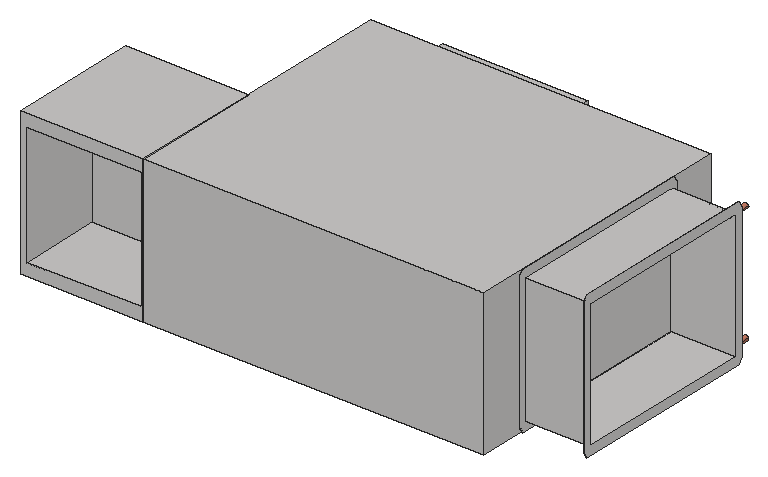
Revit family
Parameters
  Width = 3' - 3"
  Voltage = 277 V
  Unit Weight = if(Number of Rows = 1, "272.0 lbs", if(Number of Rows = 2, "277.0 lbs", "0"))  # "272.0 lbs"
  UltraLoc Liner = Choose Liner Option = 3  # no
  URL = "http://www.titus-hvac.com/"
  UL = "181"
  Supply Air Flow [instance] = 0 CFM
  SteriLoc Liner = Choose Liner Option = 2  # no
  Secondary Material = Copper Connectors
  Primary Air Pressure Drop [instance] = 0.00 in-wg
  Primary Air Flow [instance] = 0 CFM
  Pressure [instance] = 0.00 psi
  Plenum Air Pressure Drop [instance] = 0.00 in-wg
  Plenum Air Flow [instance] = 0 CFM
  Outlet Width = 2' - 1"
  Outlet Height = 1' - 5 1/2"
  Number of Rows = 1
  Number of Poles = 1
  Nominal Width = Width + 0' 6 1/4"  # 3' - 9 1/4"
  Nominal Length = Length + 1' 4 7/8" + 0' 9"  # 6' - 0 5/8"
  Nominal Inlet Size = 1' - 0"
  Nominal Height = 1' - 8"
  NFPA = "90A"
  Motor Full Load Amps [instance] = 3 A
  Model = "DTFS-F"
  Min. Air Flow = 0 CFM
  Max. Air Flow = 2000 CFM
  Material = Galvanized Steel
  Manufacturer = "Titus"
  Length = 3' - 10 3/4"
  Juction Box Offset = 0' - 4 7/8"
  Inlet Diameter = Nominal Inlet Size - 0' 0 1/8"  # 0' - 11 7/8"
  Induced Air Inlet Width = 1' - 4 7/8"
  Induced Air Inlet Offset = (Nominal Height - Induced Air Inlet Connection Height) / 2  # 0' - 1 11/16"
  Induced Air Inlet Height = 1' - 6 1/8"
  Induced Air Inlet Connection Width = 1' - 3 3/4"
  Induced Air Inlet Connection Height = 1' - 4 5/8"
  Induced Air Filter = no
  Heating Total Capacity [instance] = 0 Btu/h
  Heating Entering Water Temp = 0 °F
  Half Outlet Width = 1' - 0 1/2"
  Half Outlet Connection Width = Outlet Width / 2  # 1' - 0 1/2"
  Half Outlet Connection Height = Outlet Height / 2  # 0' - 8 3/4"
  Half Height Start = -(Nominal Height / 2)  # -0' - 10"
  Half Height End = Nominal Height / 2  # 0' - 10"
  HWC Option = HWC Section : D-E - 1 Row
  HWC Connector Radius = 5/16"
  HWC Connector Length = 0' - 3"
  HP-Motor = "1/3"
  Gallons Per Minute [instance] = 0 GPM
  Frequency = 60 Hz
  Flange Offset = 0' - 1 1/4"
  Filter Size = "18\"x17\""
  Fiber Free Liner = Choose Liner Option = 1  # no
  Fan Disconnect Switch = no
  Duct Radius = Nominal Inlet Size / 2  # 0' - 6"
  Description = "Ultra Quiet Series Fan Powered Terminal Unit, Direct Digital Control, Pressure Independent"
  Connector Vertical Offset = if(Number of Rows = 1, 1' 4 1/4", if(Number of Rows = 2, 1' 4 3/4", 0' 0"))  # 1' - 4 1/4"
  Connector Horizontal Offset = if(Number of Rows = 1, 0' 0", if(Number of Rows = 2, 0' 1", 0' 0"))  # 0' - 0"
  Connection Void Radius = Connection Radius - 0' 0 1/4"  # 0' - 5 11/16"
  Connection Radius = Inlet Diameter / 2  # 0' - 5 15/16"
  Choose Liner Option = 0
  CADworks URL = "www.CADworks.net"
  Assembly Code = "D3040100"
  Apparent Power [instance] = Voltage * Motor Full Load Amps  # 831 VA
  Air Inlet Offset = 0' - 8"
  1/2" Fiberglass Liner = Choose Liner Option = 0  # yes
  1" Fiberglass Liner = Choose Liner Option = 4  # no
Reference planes (in)
  plane 1 "Center (Front/Back)": y = 0
  plane 2: z = 0
  plane 3 "Center (Left/Right)": x = 3
  plane 4: x = -20.375
  plane 5: x = 26.375
  plane 6: x = -15.5
  plane 7: x = -23.75
  plane 8 "Center (Elevation)": z = 0
  plane 9: y = -19.5
  plane 10: y = 19.5
  plane 11: y = 11.5
  plane 12: y = -8.25
  plane 13: z = 0.6875
  plane 14: z = -6.875
  plane 15: x = 35.375
  plane 16: x = 34.375
  plane 17: x = 34.375
  plane 18: y = 15.5
  plane 19: z = -8.125
  plane 20: z = 8.125
  plane 21: y = -12.5
  plane 22: y = 12.5
  plane 23: y = 25.75
  plane 24: x = -37.25
  plane 25: z = 10
  plane 26: z = -10
Forms (in)
  Extrusion 1, solid, material "Galvanized Steel" <- "Material"
    sketch origin (0, 0, 0) x (1, 0, 0) y (0, 1, 0)
      loop
        line (-20.375, 19.5) -> (-20.375, -19.5) -> (26.375, -19.5) -> (26.375, 19.5) -> (-20.375, 19.5)
    from -10 <- "Half Height Start" to 10 <- "Half Height End"
  Extrusion 2, solid, material "Galvanized Steel" <- "Material"
    sketch origin (0, 0, 0) x (1, 0, 0) y (0, 1, 0)
      loop
        line (-37.25, -1.375) -> (-37.25, -19.5) -> (-20.375, -19.5) -> (-20.375, -1.375) -> (-37.25, -1.375)
    from -10 <- "Half Height Start" to 10 <- "Half Height End"
  Extrusion 3, void, detail levels fine
    sketch origin (0, -19.5, 0) x (1, 0, 0) y (0, 0, -1)
      loop
        line (-20.625, 8.3125) -> (-36.375, 8.3125) -> (-36.375, -8.3125) -> (-20.625, -8.3125) -> (-20.625, 8.3125)
    from 0 to 11.25
  Extrusion 4, solid, material "Galvanized Steel" <- "Material"
    sketch origin (3.125, 0, 0) x (1, 0, 0) y (0, 1, 0)
      loop
        line (-18.625, 19.5) -> (1.375, 19.5) -> (1.375, 25.75) -> (-18.625, 25.75) -> (-18.625, 19.5)
    from -6 to 6
  Extrusion 5, solid, material "Galvanized Steel" <- "Material"
    sketch origin (-24.875, -3, 0) x (0, 0, -1) y (0, 1, 0)
      loop
        circle (0, 14.5) r 5.9375
    from 1.125 to 4.5
  Extrusion 6, void, detail levels fine
    sketch origin (-24.875, 0, 0) x (0, 1, 0) y (0, 0, 1)
      loop
        circle (11.5, 0) r 5.6875
    from 1.125 to 9.375
  Extrusion 7, void, detail levels fine
    sketch origin (35.375, -12.5, 8.75) x (0, 0, 1) y (0, -1, 0)
      loop
        line (-17.5, 0) -> (-17.5, -25) -> (0, -25) -> (0, 0) -> (-17.5, 0)
    from -0.0625 to 0
  Extrusion 8, solid, material "Copper Connectors" <- "Secondary Material", detail levels fine
    sketch origin (0, 0, 0) x (1, 0, 0) y (0, 0, 1)
      loop
        circle (34.375, 8.125) r 0.3125
    from -15.5 to -12.5625
  Extrusion 9, solid, material "Copper Connectors" <- "Secondary Material", detail levels fine
    sketch origin (0, 0, 0) x (1, 0, 0) y (0, 0, 1)
      loop
        circle (34.375, -8.125) r 0.3125
    from -15.5 to -12.5625
Cuts and joins
  Extrusion 3 cuts Extrusion 2
  Extrusion 6 cuts Extrusion 1
  Extrusion 6 cuts Extrusion 5
Dimensions and locks (in)
  "Length": plane 5 to plane 4
  equal spacing: plane 5, plane 3 "Center (Left/Right)", plane 4
  locked: Extrusion 4 to Extrusion 4 at 20
  "Juction Box Offset": plane 6 to plane 4
  locked: plane 4 to plane 7 at 3.375
  "Width": plane 9 to plane 10
  equal spacing: plane 9, plane 1 "Center (Front/Back)", plane 10
  locked: Extrusion 5 sketch curve to level at 0
  locked: Extrusion 5 sketch curve to plane 11 at 0
  locked: Extrusion 6 sketch curve to level at 0
  locked: Extrusion 6 sketch curve to plane 11 at 0
  locked: Extrusion 4 to Extrusion 4 at 6.25
  locked: Extrusion 4 to Extrusion 4 at 12
  equal spacing: Extrusion 4, plane 8 "Center (Elevation)", Extrusion 4
  locked: plane 12 to plane 9 at 11.25
  "Air Inlet Offset": plane 10 to plane 11
  "Induced Air Inlet Height": cut or joined group of Extrusion 2, Extrusion 3 to cut or joined group of Extrusion 2, Extrusion 3
  locked: cut or joined group of Extrusion 5, Extrusion 6 to cut or joined group of Extrusion 5, Extrusion 6 at 3.375
  locked: plane 12 to plane 12 at 0
  "Induced Air Inlet Connection Height": Extrusion 3 sketch curve to Extrusion 3 sketch curve
  "Induced Air Inlet Offset": Extrusion 3 sketch curve to cut or joined group of Extrusion 2, Extrusion 3
  "Induced Air Inlet Connection Width": Extrusion 3 sketch curve to Extrusion 3 sketch curve
  locked: Extrusion 3 sketch curve to cut or joined group of Extrusion 1, Extrusion 6 at 0.25
  "Connector Vertical Offset": plane 20 to plane 19
  equal spacing: plane 20, plane 8 "Center (Elevation)", plane 19
  locked: plane 15 to plane 5 at 9
  locked: plane 15 to plane 16 at 1
  "Connector Horizontal Offset": plane 16 to plane 17
  locked: Extrusion 8 sketch curve to plane 17 at 0
  locked: Extrusion 8 sketch curve to plane 20 at 0
  locked: Extrusion 9 sketch curve to plane 16 at 0
  locked: Extrusion 9 sketch curve to plane 19 at 0
  "HWC Connector Length": plane 18 to plane 22
  locked: cut or joined group of Extrusion 1, Extrusion 6 to Extrusion 7 at 9
  locked: cut or joined group of Extrusion 2, Extrusion 3 to cut or joined group of Extrusion 2, Extrusion 3 at 16.875
  locked: cut or joined group of Extrusion 2, Extrusion 3 to cut or joined group of Extrusion 2, Extrusion 3 at 20
  equal spacing: cut or joined group of Extrusion 2, Extrusion 3, plane 8 "Center (Elevation)", cut or joined group of Extrusion 2, Extrusion 3
  locked: cut or joined group of Extrusion 1, Extrusion 6 to cut or joined group of Extrusion 1, Extrusion 6 at 20
  equal spacing: cut or joined group of Extrusion 1, Extrusion 6, plane 8 "Center (Elevation)", cut or joined group of Extrusion 1, Extrusion 6
  locked: nested 1 to cut or joined group of Extrusion 1, Extrusion 6 at 1.1875
  locked: cut or joined group of Extrusion 1, Extrusion 6 to nested 1 at 1.1875
  "Connection Radius": radius of Extrusion 5 sketch curve
  "Connection Void Radius": radius of Extrusion 6 sketch curve
  "HWC Connector Radius": radius of Extrusion 8 sketch curve
  "HWC Connector Radius": radius of Extrusion 9 sketch curve
  aligned and locked: plane 10 to Extrusion 4
  aligned and locked: plane 6 to Extrusion 4
  aligned and locked: plane 7 to cut or joined group of Extrusion 5, Extrusion 6
  aligned and locked: plane 18 to Extrusion 8
  aligned and locked: plane 18 to Extrusion 9
  aligned and locked: plane 9 to cut or joined group of Extrusion 2, Extrusion 3  (x3)
  aligned and locked: plane 5 to nested 1
  aligned and locked: plane 15 to nested 1
  aligned and locked: plane 18 to nested 1  (x2)
  aligned and locked: plane 21 to nested 1
  aligned and locked: plane 22 to nested 1
  aligned and locked: plane 5 to cut or joined group of Extrusion 1, Extrusion 6
  aligned and locked: cut or joined group of Extrusion 1, Extrusion 6 to nested 1
  aligned and locked: cut or joined group of Extrusion 1, Extrusion 6 to plane 10
  aligned and locked: Extrusion 4 to cut or joined group of Extrusion 1, Extrusion 6  (x2)
  aligned and locked: cut or joined group of Extrusion 1, Extrusion 6 to plane 4
  aligned and locked: plane 9 to cut or joined group of Extrusion 1, Extrusion 6
  aligned and locked: cut or joined group of Extrusion 5, Extrusion 6 to cut or joined group of Extrusion 1, Extrusion 6
  aligned and locked: nested 1 to cut or joined group of Extrusion 1, Extrusion 6
  aligned and locked: plane 6 to Extrusion 6
  aligned and locked: Extrusion 6 to plane 7
  aligned and locked: Extrusion 3 to plane 12
  aligned and locked: plane 23 to Extrusion 4
  aligned and locked: plane 24 to cut or joined group of Extrusion 2, Extrusion 3
  aligned and locked: plane 25 to cut or joined group of Extrusion 2, Extrusion 3
  aligned and locked: plane 26 to cut or joined group of Extrusion 2, Extrusion 3
  aligned and locked: plane 26 to cut or joined group of Extrusion 1, Extrusion 6
  aligned and locked: plane 25 to cut or joined group of Extrusion 1, Extrusion 6
Automatic sketch dimensions
  Extrusion 1 sketch curve to plane 4 = 0' - 0"
  Extrusion 1 sketch curve to plane 5 = 0' - 0"
  Extrusion 1 sketch curve to plane 9 = 0' - 0"
  Extrusion 1 sketch curve to plane 10 = 0' - 0"
  Extrusion 2 sketch curve to plane 4 = 0' - 0"
  Extrusion 2 sketch curve to plane 9 = 0' - 0"
  plane 1 "Center (Front/Back)" to Extrusion 2 sketch curve = 0' - 1 3/8"
  Extrusion 4 sketch curve to plane 6 = 0' - 0"
  Extrusion 4 sketch curve to plane 10 = 0' - 0"
  plane 3 "Center (Left/Right)" to Extrusion 4 sketch curve = 0' - 1 1/2"
  Extrusion 4 sketch curve to plane 10 = 0' - 6 1/4"
  Extrusion 2 sketch curve to plane 7 = 1' - 1 1/2"
  Extrusion 7 sketch curve to nested 1 = 0' - 0"  (x4)
Nested families (in)
  nested 1: "HWC Section" at (30.875, 0, 0) x (0, 1, 0) z (0, 0, 1), type <- "HWC Option", type "D-E - 1 Row"
Connectors (in)
  electrical at (-5.5, 25.75, 0), driven by "Apparent Power", driven by "Voltage", driven by "Number of Poles"
    settings: on Extrusion 4, index 8
  hvac at (-23.75, 11.5, 0), driven by "Duct Radius", driven by "Primary Air Pressure Drop", driven by "Primary Air Flow"
    settings: on cut or joined group of Extrusion 5, Extrusion 6, index 9
  hvac at (-28.5, -19.5, 0), driven by "Induced Air Inlet Connection Height", driven by "Induced Air Inlet Connection Width", driven by "Plenum Air Pressure Drop", driven by "Plenum Air Flow"
    settings: on cut or joined group of Extrusion 2, Extrusion 3, index 11
  hvac at (35.375, 0, 0), driven by "Outlet Height", driven by "Outlet Width", driven by "Supply Air Flow"
    settings: on Extrusion 7, index 12
  piping at (34.375, 15.5, 8.125), driven by "Gallons Per Minute", driven by "Pressure", driven by "HWC Connector Radius"
    settings: on Extrusion 8, index 13
  piping at (34.375, 15.5, -8.125), driven by "Gallons Per Minute", driven by "HWC Connector Radius", driven by "Pressure"
    settings: on Extrusion 9, index 14
Definition of nested family "HWC Section"
  Parameters (values of type "B-C - 1 Row")
    Visibility = yes
    Secondary Material = Copper Connectors
    Number of Rows = 1
    Material = Galvanized Steel
    Half Width = HWC Width / 2  # 0' - 10 1/4"
    Half Length-Start = -(HWC Length / 2)  # -0' - 4 1/2"
    Half Length-End = HWC Length / 2  # 0' - 4 1/2"
    HWC Connection Radius = 5/16"
    Flange Offset = 0' - 1"
    Duct Vertical Offset = HWC Height - 0' 0 1/2"  # 1' - 0"
    Duct Horizontal Offset = HWC Width - 0' 0 1/2"  # 1' - 8"
    Connector Vertical Offset = 0' - 11 3/4"
    HWC Width = 1' - 8 1/2"
    HWC Height = 1' - 0 1/2"
    HWC Length = 0' - 9"  # constant formula
    Gallons Per Minute = 0 GPM
    Connector Length = 0' - 3"
    Connector Horizontal Offset = 0' - 0"
  Types (5): name | Number of Rows | Half Width | Flange Offset | Duct Vertical Offset | Duct Horizontal Offset | Connector Vertical Offset | HWC Width | HWC Height | Connector Horizontal Offset
    (no name) | 1 | 0' - 10 1/4" | 0' - 1" | 1' - 0" | 1' - 8" | 0' - 11 3/4" | 1' - 8 1/2" | 1' - 0 1/2" | 0' - 0"
    B-C - 1 Row | 1 | 0' - 10 1/4" | 0' - 1" | 1' - 0" | 1' - 8" | 0' - 11 3/4" | 1' - 8 1/2" | 1' - 0 1/2" | 0' - 0"
    B-C - 2 Row | 2 | 0' - 10 1/4" | 0' - 1" | 1' - 0" | 1' - 8" | 0' - 11 3/4" | 1' - 8 1/2" | 1' - 0 1/2" | 0' - 1"
    D-E - 1 Row | 1 | 1' - 0 1/2" | 0' - 1 1/4" | 1' - 5" | 2' - 0 1/2" | 1' - 4 1/4" | 2' - 1" | 1' - 5 1/2" | 0' - 0"
    D-E - 2 Row | 2 | 1' - 0 1/2" | 0' - 1 1/4" | 1' - 5" | 2' - 0 1/2" | 1' - 4 3/4" | 2' - 1" | 1' - 5 1/2" | 0' - 1"
  Reference planes (in)
    plane 1 "Center (Front/Back)": y = 0
    plane 2: z = 0
    plane 3 "Center (Left/Right)": x = 0
    plane 4: x = -10.25
    plane 5: x = 10.25
    plane 6: y = 4.5
    plane 7: y = -4.5
    plane 8: z = 6.25
    plane 9: z = -6.25
    plane 10: z = 5.875
    plane 11: z = -5.875
    plane 12: y = 3.5
    plane 13: y = 3.5
    plane 14: x = 13.25
  Forms (in)
    Extrusion 1, solid, material "Galvanized Steel" <- "Material", visible <- "Visibility"
      sketch origin (0, 0, 0) x (1, 0, 0) y (0, 0, 1)
        loop
          line (-10.3125, 6.3125) -> (-10.3125, -6.3125) -> (10.3125, -6.3125) -> (10.3125, 6.3125) -> (-10.3125, 6.3125)
      from -4.375 <- "Half Length-Start" to 4.5 <- "Half Length-End"
    Extrusion 2, void, detail levels fine
      sketch origin (0, 0, 0) x (1, 0, 0) y (0, 0, 1)
        loop
          line (-10.25, -6.25) -> (10.25, -6.25) -> (10.25, 6.25) -> (-10.25, 6.25) -> (-10.25, -6.25)
      from -4.5 <- "Half Length-Start" to 4.5 <- "Half Length-End"
    Extrusion 3, solid, material "Copper Connectors" <- "Secondary Material", visible <- "Visibility"
      sketch origin (6, 2.625, 0) x (0, 1, 0) y (0, 0, 1)
        loop
          circle (0.875, -5.875) r 0.3125
      from 4.3125 to 7.25
    Extrusion 4, solid, material "Galvanized Steel" <- "Material", visible <- "Visibility"
      sketch origin (0, -4.375, 0) x (1, 0, 0) y (0, 0, 1)
        loop
          line (-10.25, 6.25) -> (-10.25, -6.25) -> (10.25, -6.25) -> (10.25, 6.25) -> (-10.25, 6.25)
        loop
          line (-11.25, 6.75) -> (-11.25, -6.75) -> (-10.75, -7.25) -> (10.75, -7.25) -> (11.25, -6.75) -> (11.25, 6.75) -> (10.75, 7.25) -> (-10.75, 7.25) -> (-11.25, 6.75)
      from 0 to 0.125
    Extrusion 5, solid, material "Copper Connectors" <- "Secondary Material", visible <- "Visibility"
      sketch origin (6, -0.5, 0) x (0, 1, 0) y (0, 0, 1)
        loop
          circle (4, 5.875) r 0.3125
      from 4.3125 to 7.25
    Extrusion 6, solid, material "Galvanized Steel" <- "Material", visible <- "Visibility"
      sketch origin (0, 4.375, 0) x (1, 0, 0) y (0, 0, -1)
        loop
          line (-10.25, -6.25) -> (10.25, -6.25) -> (10.25, 6.25) -> (-10.25, 6.25) -> (-10.25, -6.25)
        loop
          line (-11.25, -6.75) -> (-10.75, -7.25) -> (10.75, -7.25) -> (11.25, -6.75) -> (11.25, 6.75) -> (10.75, 7.25) -> (-10.75, 7.25) -> (-11.25, 6.75) -> (-11.25, -6.75)
      from 0 to 0.125
  Cuts and joins
    Extrusion 2 cuts Extrusion 1
    joined: Extrusion 1, Extrusion 4, Extrusion 6
  Dimensions and locks (in)
    "HWC Width": plane 4 to plane 5
    equal spacing: plane 4, plane 3 "Center (Left/Right)", plane 5
    "HWC Height": plane 8 to plane 9
    equal spacing: plane 8, plane 2, plane 9
    equal spacing: plane 10, plane 2, plane 11
    locked: plane 12 to plane 6 at 1
    "Connector Horizontal Offset": plane 13 to plane 12
    locked: plane 7 to Extrusion 4 at 0.125
    locked: Extrusion 6 to plane 6 at 0.125
    locked: plane 4 to Extrusion 1 sketch curve at 0.0625
    locked: Extrusion 4 to Extrusion 1 sketch curve at 0.0625
    locked: Extrusion 1 sketch curve to plane 8 at 0.0625
    locked: plane 9 to Extrusion 1 sketch curve at 0.0625
    "Connector Length": plane 5 to plane 14
    "HWC Length": plane 6 to plane 7
    equal spacing: plane 6, plane 1 "Center (Front/Back)", plane 7
    "Connector Vertical Offset": plane 10 to plane 11
    equal spacing: plane 10, level, plane 11
    "HWC Width": Extrusion 4 sketch curve to Extrusion 4 sketch curve
    equal spacing: Extrusion 4 sketch curve, plane 3 "Center (Left/Right)", Extrusion 4 sketch curve
    "HWC Height": Extrusion 4 sketch curve to Extrusion 4 sketch curve
    equal spacing: Extrusion 4 sketch curve, plane 2, Extrusion 4 sketch curve
    locked: cut or joined group of Extrusion 1, Extrusion 2, Extrusion 4, Extrusion 6 to plane 4 at 1  (x2)
    locked: cut or joined group of Extrusion 1, Extrusion 2, Extrusion 4, Extrusion 6 to plane 5 at 1  (x2)
    "HWC Width": Extrusion 6 sketch curve to Extrusion 6 sketch curve
    "HWC Height": Extrusion 6 sketch curve to Extrusion 6 sketch curve
    equal spacing: Extrusion 6 sketch curve, plane 3 "Center (Left/Right)", Extrusion 6 sketch curve
    equal spacing: Extrusion 6 sketch curve, plane 2, Extrusion 6 sketch curve
    "HWC Height": Extrusion 2 sketch curve to Extrusion 2 sketch curve
    "HWC Width": Extrusion 2 sketch curve to Extrusion 2 sketch curve
    equal spacing: Extrusion 2 sketch curve, plane 3 "Center (Left/Right)", Extrusion 2 sketch curve
    equal spacing: Extrusion 2 sketch curve, plane 2, Extrusion 2 sketch curve
    locked: plane 5 to Extrusion 3 at 0.0625
    locked: plane 5 to Extrusion 5 at 0.0625
    "Flange Offset": cut or joined group of Extrusion 1, Extrusion 2, Extrusion 4, Extrusion 6 to plane 8
    "Flange Offset": plane 9 to cut or joined group of Extrusion 1, Extrusion 2, Extrusion 4, Extrusion 6
    "Flange Offset": plane 8 to cut or joined group of Extrusion 1, Extrusion 2, Extrusion 4, Extrusion 6
    "Flange Offset": cut or joined group of Extrusion 1, Extrusion 2, Extrusion 4, Extrusion 6 to plane 9
    "HWC Connection Radius": radius of Extrusion 3 sketch curve
    "HWC Connection Radius": radius of Extrusion 5 sketch curve
    aligned and locked: plane 7 to Extrusion 4
    aligned and locked: plane 6 to Extrusion 6
    aligned and locked: plane 14 to Extrusion 5
    aligned and locked: plane 14 to Extrusion 3
    aligned and locked: Extrusion 6 to cut or joined group of Extrusion 1, Extrusion 2, Extrusion 4, Extrusion 6
    aligned and locked: Extrusion 4 to Extrusion 4
  Automatic sketch dimensions
    Extrusion 3 sketch curve to plane 11 = 0' - 0"
    Extrusion 3 sketch curve to plane 12 = 0' - 0"
    Extrusion 5 sketch curve to plane 10 = 0' - 0"
    Extrusion 5 sketch curve to plane 13 = 0' - 0"
    plane 4 to Extrusion 6 sketch curve = 0' - 1"
    plane 4 to Extrusion 6 sketch curve = 0' - 0 1/2"  (x2)
    Extrusion 6 sketch curve to plane 5 = 0' - 0 1/2"  (x2)
    Extrusion 6 sketch curve to Extrusion 6 sketch curve = 0' - 0 1/2"  (x3)
    plane 8 to Extrusion 6 sketch curve = 0' - 0 1/2"  (x2)
    Extrusion 6 sketch curve to plane 9 = 0' - 0 1/2"  (x2)
    plane 4 to Extrusion 4 sketch curve = 0' - 0 1/2"  (x2)
    Extrusion 4 sketch curve to Extrusion 4 sketch curve = 0' - 0 1/2"  (x4)
    Extrusion 4 sketch curve to plane 5 = 0' - 0 1/2"  (x2)
    Extrusion 4 sketch curve to plane 9 = 0' - 0 1/2"  (x2)
    plane 8 to Extrusion 4 sketch curve = 0' - 0 1/2"  (x2)
